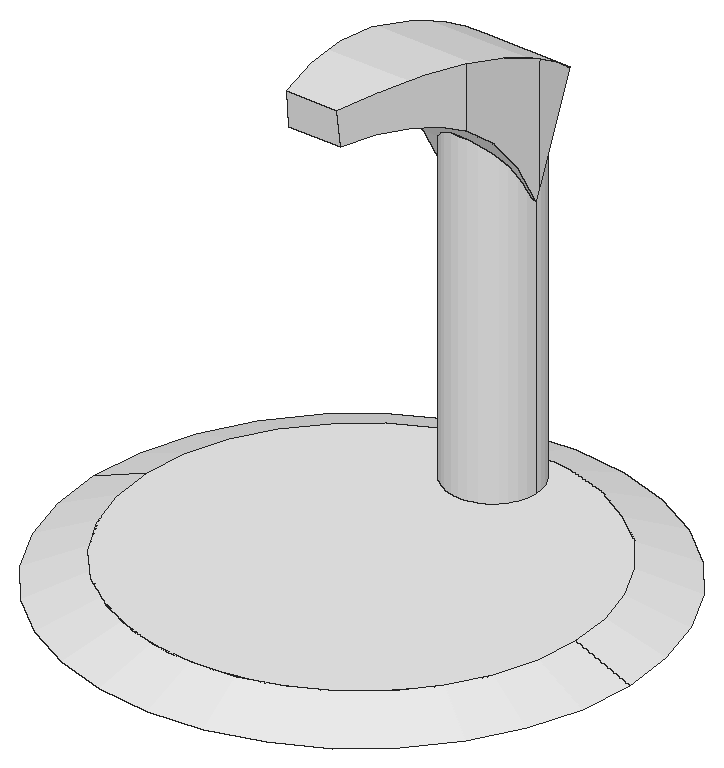
Revit family
Reference planes
  plane 1 "Center (Front/Back)": y = 0
  plane 2: z = 0
  plane 3 "Center (Left/Right)": x = 0
Forms (mm)
  Blend 1, solid, material "HWU Tap"
    base sketch origin (0, 0, 0) x (1, 0, 0) y (0, 1, 0)
      loop
        circle (0, 0) r 125
    top sketch origin (0, 0, 0) x (1, 0, 0) y (0, 1, 0)
      loop
        circle (0, 0) r 100
    from 0 to 10
  Extrusion 2, solid, material "HWU Tap"
    sketch origin (0, 0, 0) x (1, 0, 0) y (0, 1, 0)
      loop
        circle (0, 76.374) r 20
    from 10 to 180
  Extrusion 3, solid, material "HWU Tap"
    sketch origin (0, 0, 0) x (0, 1, 0) y (0, 0, 1)
      loop
        arc (96.374, 180) -> (36.71, 208.471) -> (-29.197, 213.646) r 181.208
        line (-29.197, 213.646) -> (-27.526, 197.806)
        arc (-27.526, 197.806) -> (33, 181.444) -> (74.24, 134.216) r 108.01
        line (74.24, 134.216) -> (96.374, 180)
    from -22 to 22
  Extrusion 4, void
    sketch origin (0, 365, 0) x (1, 0, 0) y (0, 1, 0)
      loop
        arc (0, -430) -> (-21.082, -342.698) -> (-17.72, -252.95) r 328.341
        line (-17.72, -252.95) -> (-50, -252.95) -> (-50, -455) -> (50, -455) -> (50, -252.95) -> (17.72, -252.95)
        arc (17.72, -252.95) -> (21.082, -342.698) -> (0, -430) r 328.341
    from 128.881 to 223.222
Cuts and joins
  Extrusion 4 cuts Blend 1
  Extrusion 4 cuts Extrusion 2
  Extrusion 4 cuts Extrusion 3
  joined: Blend 1, Extrusion 2, Extrusion 3
